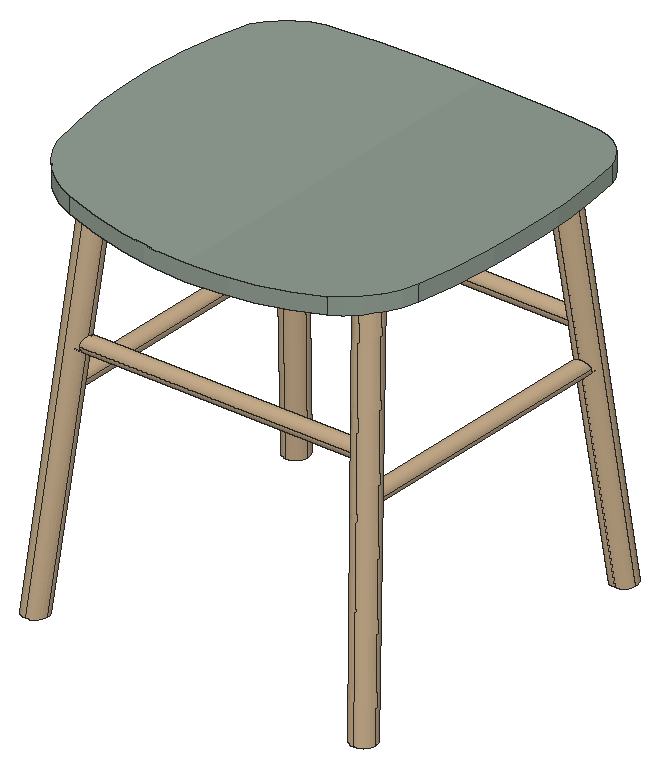
Revit family "FU_Stool_Sandler_Viki 3-18", category Furniture, Revit 2020
Family settings
  OmniClass Number = 23.40.20.00
  OmniClass Title = General Furniture and Specialties
  Work Plane-Based = No
  Always vertical = Yes
  Cut with Voids When Loaded = No
  Shared = No
  Room Calculation Point = No
Parameters (values of type "Viki 3.18")
  Width = 480 mm
  URL = "https://www.sandlerseating.com/product/viki-3-18/"
  Seat [instance] = Fabric - Mainline Flax - Bayswater MLF24
  Model = "Viki 3.18"
  Manufacturer = "Sandler"
  Height = 480 mm
  Frame [instance] = Wood - Stain - Blonde
  Description = "Stool with upholstered seat on a solid beech frame with stretchers."
  Depth = 460 mm
  Default Elevation = 0 mm
Reference planes
  plane 1 "Center (Front/Back)": y = 0
  plane 2: z = 0
  plane 3 "Center (Left/Right)": x = 0
  plane 4 "Right": x = -240
  plane 5 "Left": x = 240
  plane 6 "Back": y = 230
  plane 7 "Front": y = -230
  plane 8 "Height": z = 480
  plane 9 "Seat height": z = 446.985
  plane 10 "Front Stretcher FRONT": z = 295.977
  plane 11 "Cross Stretcher RIGHT": z = 248.269
  plane 12 "Right Leg FRONT": through (-202.346, -1524, 4.255) normal (-0.9971, 0, 0.0759)
  plane 13 "Left Leg FRONT": through (202.346, -1524, 4.255) normal (-0.9971, 0, -0.0759)
  plane 14 "Front Legs RIGHT": through (4267.2, -207.342, 4.506) normal (0, -0.9937, 0.1117)
  plane 15 "Back Legs RIGHT": through (4267.2, 194.007, 4.255) normal (0, -0.9937, -0.1118)
Forms (mm)
  SweptBlend 1, solid, material "Wood - Stain - Blonde" <- "Frame"
    path origin (-201.502, 0, 15.343) x (-0.075926, 0, -0.997113) y (0, -1, 0)
      loop
        line (18.891, 208.293) -> (-444.764, 156.021)
    profile "Pro_Circles : 30mm" origin (-202.936, -208.293, -3.493) x (-0.008506, 0.993705, -0.111705) y (-0.997113, 0, 0.075926)
      loop
        arc (-14.967, 0.067) -> (-10.65, -10.556) -> (-0.067, -14.967) r 14.901
        arc (-0.067, -14.967) -> (10.603, -10.603) -> (14.967, 0.067) r 14.901
        arc (14.967, 0.067) -> (10.556, 10.65) -> (-0.067, 14.967) r 14.9
        arc (-0.067, 14.967) -> (-10.602, 10.602) -> (-14.967, 0.067) r 14.9
    end profile "Pro_Circles : 32mm" origin (-167.733, -156.021, 458.824) x (-0.008506, 0.993705, -0.111705) y (-0.997113, 0, 0.075926)
      loop
        arc (-15.967, 0.067) -> (-11.357, -11.263) -> (-0.067, -15.967) r 15.901
        arc (-0.067, -15.967) -> (11.311, -11.31) -> (15.967, 0.067) r 15.901
        arc (15.967, 0.067) -> (11.263, 11.357) -> (-0.067, 15.967) r 15.9
        arc (-0.067, 15.967) -> (-11.31, 11.31) -> (-15.967, 0.067) r 15.9
  SweptBlend 2, solid, material "Wood - Stain - Blonde" <- "Frame"
    path origin (-201.502, 0, 15.343) x (-0.075926, 0, -0.997113) y (0, -1, 0)
      loop
        line (21.919, -195.234) -> (-445.119, -142.551)
    profile "Pro_Circles : 30mm" origin (-203.166, 195.234, -6.512) x (0.008511, 0.993698, 0.111767) y (-0.997113, 0, 0.075926)
      loop
        arc (-14.967, 0.067) -> (-10.65, -10.556) -> (-0.067, -14.967) r 14.901
        arc (-0.067, -14.967) -> (10.603, -10.603) -> (14.967, 0.067) r 14.901
        arc (14.967, 0.067) -> (10.556, 10.65) -> (-0.067, 14.967) r 14.9
        arc (-0.067, 14.967) -> (-10.602, 10.602) -> (-14.967, 0.067) r 14.9
    end profile "Pro_Circles : 32mm" origin (-167.706, 142.551, 459.177) x (0.008511, 0.993698, 0.111767) y (-0.997113, 0, 0.075926)
      loop
        arc (-15.967, 0.067) -> (-11.357, -11.263) -> (-0.067, -15.967) r 15.901
        arc (-0.067, -15.967) -> (11.311, -11.31) -> (15.967, 0.067) r 15.901
        arc (15.967, 0.067) -> (11.263, 11.357) -> (-0.067, 15.967) r 15.9
        arc (-0.067, 15.967) -> (-11.31, 11.31) -> (-15.967, 0.067) r 15.9
  SweptBlend 3, solid, material "Wood - Stain - Blonde" <- "Frame"
    path origin (201.502, 0, 15.343) x (0.075926, 0, -0.997113) y (0, 1, 0)
      loop
        line (18.891, -208.293) -> (-444.764, -156.021)
    profile "Pro_Circles : 30mm" origin (202.936, -208.293, -3.493) x (-0.008506, -0.993705, 0.111705) y (0.997113, 0, 0.075926)
      loop
        arc (14.967, 0.067) -> (10.602, 10.602) -> (0.067, 14.967) r 14.9
        arc (0.067, 14.967) -> (-10.556, 10.65) -> (-14.967, 0.067) r 14.9
        arc (-14.967, 0.067) -> (-10.603, -10.603) -> (0.067, -14.967) r 14.901
        arc (0.067, -14.967) -> (10.65, -10.556) -> (14.967, 0.067) r 14.901
    end profile "Pro_Circles : 32mm" origin (167.733, -156.021, 458.824) x (-0.008506, -0.993705, 0.111705) y (0.997113, 0, 0.075926)
      loop
        arc (15.967, 0.067) -> (11.31, 11.31) -> (0.067, 15.967) r 15.9
        arc (0.067, 15.967) -> (-11.263, 11.357) -> (-15.967, 0.067) r 15.9
        arc (-15.967, 0.067) -> (-11.311, -11.31) -> (0.067, -15.967) r 15.901
        arc (0.067, -15.967) -> (11.357, -11.263) -> (15.967, 0.067) r 15.901
  Extrusion 4, solid, material "Wood - Stain - Blonde" <- "Frame"
    sketch origin (0, 0, 0) x (0, 1, 0) y (0, 0, 1)
      loop
        circle (-174.366, 295.977) r 10
    from -180 to 180
  Extrusion 5, solid, material "Wood - Stain - Blonde" <- "Frame"
    sketch origin (0, -14.295, 0) x (0, -1, 0) y (0, 0, -1)
      loop
        circle (-174.366, -295.977) r 10
    from -180 to 180
  Extrusion 6, solid, material "Wood - Stain - Blonde" <- "Frame"
    sketch origin (0, 0, 0) x (1, 0, 0) y (0, 0, 1)
      loop
        circle (-183.833, 248.269) r 10
    from -165 to 180
  Extrusion 7, solid, material "Wood - Stain - Blonde" <- "Frame"
    sketch origin (0, 0, 0) x (-1, 0, 0) y (0, 0, -1)
      loop
        circle (-183.833, -248.269) r 10
    from -165 to 180
  Sweep 8, solid, material "Fabric - Mainline Flax - Bayswater MLF24" <- "Seat"
    path origin (0, 0, 446.985) x (-1, 0, 0) y (0, -1, 0)
      loop
        line (0, 250) -> (0, -250)
    profile origin (0, 0, 446.985) x (-1, 0, 0) y (0, 0, 1)
      loop
        line (263.434, 27.782) -> (263.434, 47.765)
        arc (263.434, 47.765) -> (0, 20.077) -> (-263.434, 47.765) r 1267.049
        line (-263.434, 47.765) -> (-263.434, 27.782)
        arc (-263.434, 27.782) -> (0, 0) -> (263.434, 27.782) r 1262.876
  Extrusion 9, void
    sketch origin (0, 0, 446.985) x (-1, 0, 0) y (0, -1, 0)
      loop
        arc (223.586, -149) -> (240, 0) -> (223.586, 149) r 684.495
        arc (223.586, 149) -> (198.632, 187.198) -> (159, 209.806) r 97.22
        arc (159, 209.806) -> (0, 230) -> (-159, 209.806) r 636.036
        arc (-159, 209.806) -> (-198.632, 187.198) -> (-223.586, 149) r 97.22
        arc (-223.586, 149) -> (-240, 0) -> (-223.586, -149) r 684.495
        arc (-223.586, -149) -> (-198.632, -187.198) -> (-159, -209.806) r 97.22
        arc (-159, -209.806) -> (0, -230) -> (159, -209.806) r 636.036
        arc (159, -209.806) -> (198.632, -187.198) -> (223.586, -149) r 97.22
      loop
        line (-270, 260) -> (-270, -260) -> (270, -260) -> (270, 260) -> (-270, 260)
    from -5 to 56.651
  Sweep 10, solid, material "Metal - Black - Matte"
    path origin (0, 0, 446.985) x (-1, 0, 0) y (0, -1, 0)
      loop
        line (0, 207.5) -> (0, -207.5)
    profile origin (0, 0, 446.985) x (-1, 0, 0) y (0, 0, 1)
      loop
        arc (200, 17.031) -> (0, 1.094) -> (-200, 17.031) r 1262.876
        line (-200, 17.031) -> (-200, 12.34)
        arc (-200, 12.34) -> (0, -3.597) -> (200, 12.34) r 1262.876
        line (200, 12.34) -> (200, 17.031)
  Extrusion 11, void
    sketch origin (0, 0, 446.985) x (-1, 0, 0) y (0, -1, 0)
      loop
        line (-148.12, 140.167) -> (-148.12, -125.435) -> (148.12, -125.435) -> (148.12, 140.167) -> (-148.12, 140.167)
      loop
        arc (185.414, -151.405) -> (197.276, 4.81) -> (185.414, 161.024) r 1034.523
        arc (185.414, 161.024) -> (179.314, 173.939) -> (167.138, 181.406) r 25
        arc (167.138, 181.406) -> (0, 203.294) -> (-167.138, 181.406) r 649.072
        arc (-167.138, 181.406) -> (-179.314, 173.939) -> (-185.414, 161.024) r 25
        arc (-185.414, 161.024) -> (-197.276, 4.81) -> (-185.414, -151.405) r 1034.523
        arc (-185.414, -151.405) -> (-179.314, -164.319) -> (-167.138, -171.786) r 25
        arc (-167.138, -171.786) -> (0, -193.675) -> (167.138, -171.786) r 649.072
        arc (167.138, -171.786) -> (179.314, -164.319) -> (185.414, -151.405) r 25
      loop
        line (-206.88, 214.565) -> (-206.88, -215) -> (205, -215) -> (205, 214.565) -> (-206.88, 214.565)
    from -6.36 to 21.864
  Extrusion 12, void
    sketch origin (0, 0, 0) x (0, 1, 0) y (0, 0, 1)
      loop
        line (-230, 0) -> (-230, -10) -> (230, -10) -> (230, 0) -> (-230, 0)
    from -240 to 240
  SweptBlend 13, solid, material "Wood - Stain - Blonde" <- "Frame"
    path origin (201.502, 0, 15.343) x (0.075926, 0, -0.997113) y (0, 1, 0)
      loop
        line (21.919, 195.234) -> (-445.119, 142.551)
    profile "Pro_Circles : 30mm" origin (203.166, 195.234, -6.512) x (0.008511, -0.993698, -0.111767) y (0.997113, 0, 0.075926)
      loop
        arc (14.967, 0.067) -> (10.602, 10.602) -> (0.067, 14.967) r 14.9
        arc (0.067, 14.967) -> (-10.556, 10.65) -> (-14.967, 0.067) r 14.9
        arc (-14.967, 0.067) -> (-10.603, -10.603) -> (0.067, -14.967) r 14.901
        arc (0.067, -14.967) -> (10.65, -10.556) -> (14.967, 0.067) r 14.901
    end profile "Pro_Circles : 32mm" origin (167.706, 142.551, 459.177) x (0.008511, -0.993698, -0.111767) y (0.997113, 0, 0.075926)
      loop
        arc (15.967, 0.067) -> (11.31, 11.31) -> (0.067, 15.967) r 15.9
        arc (0.067, 15.967) -> (-11.263, 11.357) -> (-15.967, 0.067) r 15.9
        arc (-15.967, 0.067) -> (-11.311, -11.31) -> (0.067, -15.967) r 15.901
        arc (0.067, -15.967) -> (11.357, -11.263) -> (15.967, 0.067) r 15.901
Cuts and joins
  Extrusion 9 cuts Sweep 8
  Extrusion 11 cuts Sweep 10
  Extrusion 12 cuts SweptBlend 1
  Extrusion 12 cuts SweptBlend 3
  Extrusion 12 cuts SweptBlend 2
  Extrusion 12 cuts SweptBlend 13
Dimensions and locks
  equal spacing: plane 4 "Right", plane 3 "Center (Left/Right)", plane 5 "Left"
  "Width": plane 4 "Right" to plane 5 "Left"
  equal spacing: plane 6 "Back", plane 1 "Center (Front/Back)", plane 7 "Front"
  "Depth": plane 6 "Back" to plane 7 "Front"
  "Height": plane 8 "Height" to level
  plane 9 "Seat height" to level = 446.985 mm
  aligned and locked: level to plane 2
Automatic sketch dimensions
  plane 7 "Front" to SweptBlend 1 sketch curve = 73.979 mm
  plane 7 "Front" to SweptBlend 1 sketch curve = 21.707 mm
  SweptBlend 1 sketch curve to SweptBlend 1 sketch curve = 463.655 mm
  SweptBlend 2 sketch curve to plane 6 "Back" = 87.449 mm
  SweptBlend 2 sketch curve to plane 6 "Back" = 34.766 mm
  SweptBlend 2 sketch curve to SweptBlend 2 sketch curve = 467.038 mm
  plane 7 "Front" to SweptBlend 3 sketch curve = 73.979 mm
  plane 7 "Front" to SweptBlend 3 sketch curve = 21.707 mm
  SweptBlend 3 sketch curve to SweptBlend 3 sketch curve = 463.655 mm
  plane 10 "Front Stretcher FRONT" to Extrusion 4 sketch curve = 0 mm
  plane 7 "Front" to Extrusion 4 sketch curve = 55.634 mm
  plane 10 "Front Stretcher FRONT" to Extrusion 5 sketch curve = 0 mm
  plane 6 "Back" to Extrusion 5 sketch curve = 69.929 mm
  Extrusion 6 sketch curve to plane 11 "Cross Stretcher RIGHT" = 0 mm
  Extrusion 6 sketch curve to plane 4 "Right" = 56.167 mm
  Extrusion 7 sketch curve to plane 11 "Cross Stretcher RIGHT" = 0 mm
  Extrusion 7 sketch curve to plane 5 "Left" = 56.167 mm
  Sweep 8 sketch curve to plane 3 "Center (Left/Right)" = 0 mm
  plane 6 "Back" to Sweep 8 sketch curve = 20 mm
  Sweep 8 sketch curve to plane 7 "Front" = 20 mm
  Sweep 8 sketch curve to profile plane = 0 mm  (x2)
  plane 9 "Seat height" to Sweep 8 sketch curve = 47.765 mm  (x2)
  profile plane to Sweep 8 sketch curve = 263.434 mm
  Sweep 8 sketch curve to Sweep 8 sketch curve = 19.984 mm
  Sweep 8 sketch curve to Sweep 8 sketch curve = 1215.111 mm
  Sweep 8 sketch curve to Sweep 8 sketch curve = 24.251 mm
  plane 1 "Center (Front/Back)" to Extrusion 9 sketch curve = 0 mm  (x2)
  Extrusion 9 sketch curve to plane 3 "Center (Left/Right)" = 0 mm  (x2)
  plane 5 "Left" to Extrusion 9 sketch curve = 108.01 mm  (x2)
  Extrusion 9 sketch curve to plane 5 "Left" = 30 mm
  Extrusion 9 sketch curve to plane 5 "Left" = 204.495 mm
  Extrusion 9 sketch curve to plane 4 "Right" = 108.01 mm  (x2)
  plane 4 "Right" to Extrusion 9 sketch curve = 30 mm
  plane 4 "Right" to Extrusion 9 sketch curve = 204.495 mm
  Extrusion 9 sketch curve to plane 6 "Back" = 113.587 mm  (x2)
  plane 6 "Back" to Extrusion 9 sketch curve = 30 mm
  plane 6 "Back" to Extrusion 9 sketch curve = 176.036 mm
  plane 7 "Front" to Extrusion 9 sketch curve = 113.587 mm
  plane 1 "Center (Front/Back)" to Extrusion 9 sketch curve = 116.413 mm
  Extrusion 9 sketch curve to plane 7 "Front" = 30 mm
  Extrusion 9 sketch curve to plane 7 "Front" = 176.036 mm
  Extrusion 9 sketch curve to plane 6 "Back" = 20.194 mm  (x2)
  plane 5 "Left" to Extrusion 9 sketch curve = 81 mm
  plane 7 "Front" to Extrusion 9 sketch curve = 20.194 mm  (x2)
  Extrusion 9 sketch curve to Extrusion 9 sketch curve = 27.01 mm
  plane 5 "Left" to Extrusion 9 sketch curve = 16.414 mm
  Extrusion 9 sketch curve to plane 4 "Right" = 16.414 mm
  Sweep 10 sketch curve to plane 3 "Center (Left/Right)" = 0 mm
  Sweep 10 sketch curve to plane 6 "Back" = 22.5 mm
  plane 7 "Front" to Sweep 10 sketch curve = 22.5 mm
  Sweep 10 sketch curve to profile plane = 0 mm  (x2)
  plane 9 "Seat height" to Sweep 10 sketch curve = 17.031 mm  (x2)
  profile plane to Sweep 10 sketch curve = 200 mm
  Sweep 10 sketch curve to Sweep 10 sketch curve = 4.691 mm  (x2)
  Sweep 10 sketch curve to Sweep 10 sketch curve = 1242.248 mm
  Extrusion 12 sketch curve to plane 7 "Front" = 0 mm
  Extrusion 12 sketch curve to plane 6 "Back" = 0 mm
  Extrusion 12 sketch curve to level = 0 mm
  Extrusion 12 sketch curve to level = 10 mm
  SweptBlend 13 sketch curve to plane 6 "Back" = 87.449 mm
  SweptBlend 13 sketch curve to plane 6 "Back" = 34.766 mm
  SweptBlend 13 sketch curve to SweptBlend 13 sketch curve = 467.038 mm
  Extrusion 11 sketch curve to plane 3 "Center (Left/Right)" = 0 mm  (x2)
  plane 5 "Left" to Extrusion 11 sketch curve = 91.88 mm
  Extrusion 11 sketch curve to Extrusion 11 sketch curve = 12.581 mm  (x4)
  Extrusion 11 sketch curve to plane 6 "Back" = 15 mm
  plane 5 "Left" to Extrusion 11 sketch curve = 33.12 mm
  plane 1 "Center (Front/Back)" to Extrusion 11 sketch curve = 4.81 mm  (x2)
  Extrusion 11 sketch curve to plane 5 "Left" = 597.247 mm
  plane 7 "Front" to Extrusion 11 sketch curve = 15.435 mm
  Extrusion 11 sketch curve to plane 4 "Right" = 35 mm
  plane 6 "Back" to Extrusion 11 sketch curve = 215.778 mm
  Extrusion 11 sketch curve to Extrusion 11 sketch curve = 67.37 mm  (x2)
  Extrusion 11 sketch curve to Extrusion 11 sketch curve = 22.194 mm
  plane 7 "Front" to Extrusion 11 sketch curve = 89.833 mm
  Extrusion 11 sketch curve to Extrusion 11 sketch curve = 17.082 mm  (x2)
  Extrusion 11 sketch curve to Extrusion 11 sketch curve = 6.438 mm  (x3)
  Extrusion 11 sketch curve to Extrusion 11 sketch curve = 0 mm  (x7)
  Extrusion 11 sketch curve to Extrusion 11 sketch curve = 24.713 mm
  radius of Extrusion 4 sketch curve = 10 mm
  radius of Extrusion 5 sketch curve = 10 mm
  radius of Extrusion 6 sketch curve = 10 mm
  radius of Extrusion 7 sketch curve = 10 mm
